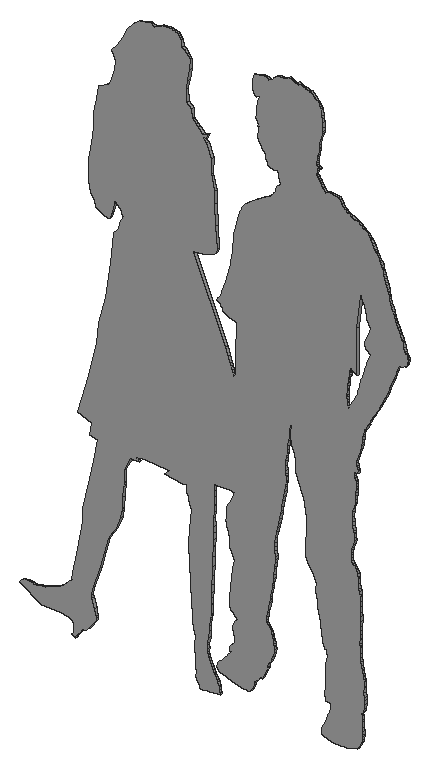
Revit family
Parameters (values of type "People_03_Multiple_views")
  built-in parameter 1005198 = (empty or 0)
  built-in parameter 1005195 = "d:\\byoh\\M25_HOL1_Santa.rpc"
  Assembly Code = ""
Reference planes (in)
  plane 1 "Center (Front/Back)": y = 0
  plane 2: z = 0
  plane 3 "Center (Left/Right)": x = 0
Forms (in)
  Extrusion 1, solid, material "Entourage-Figure"
    sketch origin (-27.53613, 0, 1.17483) x (1, 0, 0) y (0, 0, 1)
      loop
        line (44.72767, 41.76727) -> (44.73282, 36.93936) -> (44.6279, 37.04545) -> (44.51399, 37.11455) -> (44.35033, 37.17287) -> (44.21955, 37.23573) -> (44.13954, 37.24445) -> (44.04251, 37.3198) -> (43.98491, 37.23702) -> (43.95493, 37.11075) -> (43.93457, 37.07249) -> (43.91799, 36.92046) -> (43.91844, 36.70182) -> (43.91975, 36.49118) -> (43.84091, 36.36214) -> (43.82942, 36.33101) -> (43.76935, 36.15134) -> (43.73429, 35.90418) -> (43.71684, 35.74417) -> (43.68717, 35.47213) -> (43.65576, 35.18408) -> (43.64616, 35.09607) -> (43.63394, 34.98406) -> (43.58144, 34.57686) -> (43.58959, 34.50312) -> (43.60152, 34.3156) -> (43.62073, 34.04632) -> (43.66846, 33.74156) -> (43.74215, 33.23702) -> (43.93017, 33.54299) -> (44.04742, 33.5788) -> (44.143, 33.78697) -> (44.28468, 34.04678) -> (44.44149, 34.29685) -> (44.58317, 34.55668) -> (44.73271, 34.88852) -> (44.76893, 34.99791) -> (44.84835, 35.28071) -> (44.9154, 35.52437) -> (44.98523, 35.71918) -> (45.03104, 35.91658) -> (45.07337, 36.08198) -> (45.12253, 36.38428) -> (45.18071, 36.62083) -> (45.31789, 36.91353) -> (45.38786, 37.03544) -> (45.43644, 37.18395) -> (45.52838, 37.43303) -> (45.58496, 37.58067) -> (45.64735, 37.93011) -> (45.67645, 38.04838) -> (45.81798, 38.38108) -> (45.86744, 38.53762) -> (45.89828, 38.6719) -> (46.23425, 39.50907) -> (45.65974, 39.9899) -> (45.54676, 40.38776) -> (45.76038, 40.91275) -> (46.02462, 41.4922) -> (46.33217, 42.26399) -> (45.85784, 43.03536) -> (45.84693, 43.34497) -> (45.55299, 44.33655) -> (45.42441, 44.79607) -> (45.17428, 45.17338) -> (44.72767, 41.76727)
      loop
        line (30.05492, 3.27031) -> (29.90596, 3.09223) -> (29.83235, 3.01121) -> (29.51566, 2.70571) -> (29.4003, 2.61303) -> (29.15635, 2.38057) -> (28.9719, 2.17398) -> (28.92404, 2.10633) -> (28.90557, 2.01119) -> (28.818, 1.80215) -> (28.79618, 1.60212) -> (28.88623, 1.46276) -> (29.15333, 1.23931) -> (29.56415, 1.14593) -> (29.86572, 1.01589) -> (30.12903, 0.9062) -> (30.36296, 0.82403) -> (30.58437, 0.7756) -> (30.79604, 0.71203) -> (30.96232, 0.6777) -> (31.32339, 0.57354) -> (31.64969, 0.52178) -> (31.81771, 0.50345) -> (32.01774, 0.48164) -> (32.28265, 0.46083) -> (32.67964, 0.61186) -> (32.9393, 0.98835) -> (33.0452, 1.36541) -> (33.13538, 1.59847) -> (33.3322, 1.84418) -> (33.53993, 1.96726) -> (33.7094, 2.1107) -> (33.79799, 2.25487) -> (33.98915, 2.22593) -> (34.06173, 2.37183) -> (34.20153, 2.68853) -> (34.31397, 2.90297) -> (34.4395, 3.23741) -> (34.62381, 3.51688) -> (34.58249, 3.73188) -> (34.68504, 4.00408) -> (35.01235, 4.33271) -> (35.06689, 4.61013) -> (35.21192, 4.97483) -> (35.36407, 5.33066) -> (35.39083, 5.72447) -> (35.37074, 5.98575) -> (35.30091, 6.23624) -> (35.22118, 6.5445) -> (35.1333, 6.92651) -> (34.97327, 7.38926) -> (34.78604, 7.67686) -> (34.63008, 7.88008) -> (34.53828, 8.00343) -> (34.46495, 8.22194) -> (34.45738, 8.44945) -> (34.46828, 8.77212) -> (34.55279, 9.17582) -> (34.66843, 9.56802) -> (34.84283, 10.35052) -> (34.87962, 10.61369) -> (34.90566, 10.92661) -> (34.99176, 11.41919) -> (35.07976, 11.85487) -> (35.1263, 12.13318) -> (35.21153, 12.61774) -> (35.28732, 12.94144) -> (35.30346, 13.31211) -> (35.35741, 13.88106) -> (35.38518, 14.20997) -> (35.44133, 14.57628) -> (35.49136, 14.88657) -> (35.51376, 15.24037) -> (35.39794, 15.81164) -> (35.38731, 16.2338) -> (35.40082, 16.58046) -> (35.47616, 17.1228) -> (35.60547, 17.78878) -> (35.72635, 18.22898) -> (35.85333, 18.7252) -> (35.95093, 19.24892) -> (36.07863, 19.82601) -> (36.12329, 20.16118) -> (36.17681, 20.5035) -> (36.30073, 21.19435) -> (36.4331, 21.66569) -> (36.51644, 22.20714) -> (36.59265, 22.75747) -> (36.67076, 23.25093) -> (36.72573, 23.75499) -> (36.65923, 24.11039) -> (36.63377, 24.39654) -> (36.584, 24.83105) -> (36.65759, 25.35739) -> (36.712, 25.7077) -> (36.78471, 26.22601) -> (36.84973, 26.59945) -> (36.87997, 27.02525) -> (36.95982, 27.53471) -> (37.03269, 27.98015) -> (37.07007, 28.39708) -> (37.09435, 28.69399) -> (37.19487, 29.09595) -> (37.24228, 29.38223) -> (37.26032, 29.25073) -> (37.22396, 28.76892) -> (37.21322, 28.37337) -> (37.20114, 28.18847) -> (37.1965, 27.84895) -> (37.271, 27.49267) -> (37.34811, 27.16041) -> (37.43292, 26.97305) -> (37.5304, 26.67905) -> (37.61361, 26.40279) -> (37.66279, 26.2598) -> (37.7514, 25.95867) -> (37.72449, 25.63775) -> (37.72406, 25.41111) -> (37.71142, 25.07244) -> (37.71462, 24.8049) -> (37.75958, 24.54903) -> (37.82927, 24.37141) -> (37.99425, 24.10242) -> (38.13814, 23.71431) -> (38.19633, 23.50554) -> (38.31505, 23.25781) -> (38.48672, 22.75331) -> (38.53866, 22.56143) -> (38.61111, 22.33493) -> (38.68531, 22.12443) -> (38.75151, 21.91481) -> (38.77697, 21.62866) -> (38.86762, 21.19777) -> (38.93135, 20.89126) -> (38.95943, 20.62912) -> (38.99552, 20.36611) -> (39.05065, 20.35199) -> (39.02477, 19.96619) -> (38.97997, 19.70391) -> (38.97372, 19.27548) -> (38.94916, 18.67904) -> (38.92153, 18.27724) -> (38.91689, 17.9377) -> (38.93173, 17.62842) -> (38.91356, 17.38753) -> (38.88972, 16.87195) -> (38.87867, 16.62218) -> (38.90195, 16.53868) -> (39.00306, 16.2038) -> (39.0889, 15.95156) -> (39.20762, 15.70382) -> (39.40735, 15.38246) -> (39.66122, 15.1119) -> (39.8083, 14.90154) -> (39.94229, 14.57117) -> (40.02885, 14.39982) -> (40.09375, 13.95554) -> (40.07921, 13.67374) -> (40.05639, 13.09331) -> (40.14557, 12.94595) -> (40.23696, 12.15065) -> (40.30344, 11.79525) -> (40.36674, 11.26208) -> (40.43687, 10.86581) -> (40.53581, 10.28829) -> (40.64871, 9.83878) -> (40.69484, 9.44513) -> (40.73297, 9.05235) -> (40.77444, 8.76446) -> (40.83293, 8.40993) -> (40.9403, 8.05819) -> (41.00737, 7.85656) -> (41.09014, 7.79896) -> (41.18616, 7.78849) -> (41.22559, 7.63036) -> (41.2365, 7.50772) -> (41.27331, 7.32559) -> (41.36526, 7.12935) -> (41.39566, 7.03697) -> (41.30214, 6.69904) -> (41.20351, 6.24021) -> (41.17763, 5.85441) -> (41.1612, 5.6295) -> (41.17329, 5.36912) -> (41.17199, 5.13445) -> (41.18232, 4.85806) -> (41.20109, 4.80744) -> (41.18218, 4.48565) -> (41.1675, 4.27674) -> (41.15804, 4.11585) -> (41.13289, 3.81093) -> (41.09552, 3.394) -> (41.07749, 3.08022) -> (41.10732, 2.83407) -> (41.21542, 2.56321) -> (41.25454, 2.55084) -> (41.35507, 2.50749) -> (41.71425, 2.46024) -> (41.74538, 2.44874) -> (41.69884, 2.17045) -> (41.6763, 1.88954) -> (41.6376, 1.68325) -> (41.46611, 1.22427) -> (41.43861, 1.19488) -> (41.25911, 0.73679) -> (41.14958, 0.40058) -> (40.83508, -0.10755) -> (40.73893, -0.4695) -> (40.65719, -0.92207) -> (40.72848, -1.01081) -> (40.95527, -1.08413) -> (41.40988, -1.29563) -> (41.79496, -1.4024) -> (42.26353, -1.48588) -> (42.83946, -1.47582) -> (43.28287, -1.41894) -> (43.60451, -1.36496) -> (44.27252, -1.17872) -> (44.84815, -1.0229) -> (45.0121, -0.78171) -> (45.36383, -0.22904) -> (45.34652, -0.01665) -> (45.39553, 0.35853) -> (45.39872, 0.5363) -> (45.40962, 0.85897) -> (45.37237, 1.25974) -> (45.3498, 1.86942) -> (45.361, 2.04631) -> (45.34324, 2.47736) -> (45.24417, 2.68248) -> (45.43415, 2.7913) -> (45.52798, 2.98347) -> (45.56041, 3.20662) -> (45.62251, 3.70181) -> (45.63952, 4.08049) -> (45.63355, 4.39689) -> (45.5365, 4.91754) -> (45.55147, 5.42598) -> (45.54767, 5.98504) -> (45.47463, 6.50307) -> (45.37758, 7.02371) -> (45.25391, 7.52297) -> (45.17229, 7.88811) -> (45.1279, 8.29776) -> (45.08527, 8.72342) -> (45.0947, 9.32961) -> (45.06807, 9.75352) -> (45.10195, 10.13844) -> (45.12682, 10.58914) -> (45.1268, 11.03442) -> (45.13668, 11.42197) -> (45.17551, 12.00066) -> (45.16837, 12.45484) -> (45.13198, 12.86362) -> (45.09879, 13.45016) -> (45.12977, 13.95685) -> (45.08858, 14.54427) -> (45.04769, 14.98593) -> (44.93508, 15.28968) -> (44.85957, 15.71083) -> (44.87351, 16.28414) -> (44.82113, 16.69467) -> (44.69412, 17.08904) -> (44.43124, 17.42537) -> (44.25754, 17.61434) -> (44.12995, 17.85494) -> (44.13038, 18.08159) -> (44.11728, 18.40686) -> (44.12469, 18.69752) -> (44.15435, 18.96957) -> (44.21603, 19.2381) -> (44.39932, 19.58245) -> (44.48819, 20.02615) -> (44.47159, 20.31943) -> (44.47173, 20.69184) -> (44.36713, 20.99472) -> (44.27561, 21.4176) -> (44.24795, 21.90639) -> (44.24168, 22.36857) -> (44.26116, 22.84411) -> (44.29868, 23.18817) -> (44.42698, 23.47374) -> (44.53651, 23.80994) -> (44.54814, 24.21349) -> (44.58726, 24.64642) -> (44.62129, 24.95845) -> (44.66594, 25.29363) -> (44.68136, 25.5834) -> (44.69152, 25.82519) -> (44.64308, 26.04907) -> (44.48319, 26.43894) -> (44.44812, 26.63706) -> (44.4484, 26.93661) -> (44.59243, 26.9209) -> (44.73994, 26.9372) -> (44.84467, 27.00673) -> (44.90373, 27.25128) -> (44.79302, 27.49814) -> (44.73221, 27.6829) -> (44.69248, 27.98679) -> (44.70528, 28.25257) -> (44.87052, 28.72842) -> (45.01205, 29.06112) -> (45.105, 29.2453) -> (45.19519, 29.47834) -> (45.21177, 29.63037) -> (45.29904, 29.98517) -> (45.36596, 30.30173) -> (45.39285, 30.62265) -> (45.4234, 30.90269) -> (45.47533, 31.15611) -> (45.53947, 31.52154) -> (45.63955, 31.69684) -> (45.72741, 31.76012) -> (46.0809, 32.32878) -> (46.05063, 32.34829) -> (46.2732, 32.60739) -> (46.24018, 32.67575) -> (46.29938, 32.84741) -> (46.48456, 33.13487) -> (46.51816, 33.22027) -> (46.68036, 33.44546) -> (46.81594, 33.64929) -> (46.94613, 33.87797) -> (47.15793, 34.18681) -> (47.2775, 34.39237) -> (47.3287, 34.56491) -> (47.48275, 34.86386) -> (47.66793, 35.15133) -> (47.73513, 35.32211) -> (47.91493, 35.63444) -> (48.00526, 35.79461) -> (48.29561, 36.37827) -> (48.40602, 36.72247) -> (48.49256, 36.9964) -> (48.58988, 37.22057) -> (48.80139, 37.67519) -> (48.96241, 38.03815) -> (49.09856, 38.39573) -> (49.20374, 38.69192) -> (49.25494, 38.86446) -> (49.30352, 39.01298) -> (49.43182, 39.29856) -> (49.53801, 39.52986) -> (49.79826, 39.61482) -> (49.98213, 39.66764) -> (50.11262, 39.75056) -> (50.21752, 39.74722) -> (50.372, 39.82752) -> (50.46146, 39.97969) -> (50.49317, 40.12197) -> (50.50888, 40.26598) -> (50.54931, 40.48828) -> (50.51702, 40.63753) -> (50.44297, 40.77515) -> (50.35102, 40.97138) -> (50.26097, 41.11075) -> (50.18153, 41.27325) -> (50.06616, 41.62587) -> (49.97639, 42.06476) -> (49.88182, 42.23699) -> (49.84152, 42.38713) -> (49.686, 42.81699) -> (49.55564, 43.10649) -> (49.37816, 43.40921) -> (49.21216, 43.74308) -> (49.11644, 44.05307) -> (48.97168, 44.43319) -> (48.83768, 44.76357) -> (48.69191, 45.20856) -> (48.55602, 45.59581) -> (48.42174, 46.07194) -> (48.40093, 46.25233) -> (48.28017, 46.62982) -> (48.23346, 46.8697) -> (48.12697, 47.22947) -> (47.99836, 47.53496) -> (47.89012, 47.87871) -> (47.77285, 48.28821) -> (47.71174, 48.61873) -> (47.65617, 48.85149) -> (47.5792, 49.11087) -> (47.4711, 49.38173) -> (47.31341, 49.56895) -> (47.13941, 49.90369) -> (46.93078, 50.21789) -> (46.88976, 50.28715) -> (46.78807, 50.46825) -> (46.65423, 50.72574) -> (46.53114, 50.93347) -> (46.32689, 51.2877) -> (46.26084, 51.42444) -> (46.03535, 51.7324) -> (45.92406, 51.82551) -> (45.72025, 51.96108) -> (45.44078, 52.14539) -> (45.11578, 52.43182) -> (44.86397, 52.57262) -> (44.493, 52.73453) -> (44.14954, 52.92582) -> (43.87909, 53.04437) -> (43.63091, 53.1443) -> (43.40833, 53.33049) -> (43.21062, 53.52207) -> (43.00739, 53.81141) -> (42.8539, 54.11154) -> (42.6722, 54.30137) -> (42.296, 54.41527) -> (42.07998, 54.43883) -> (41.7867, 54.42223) -> (41.6098, 54.43343) -> (41.4073, 54.35836) -> (41.3318, 54.33421) -> (41.21368, 54.29042) -> (41.11301, 54.40665) -> (40.85027, 54.6701) -> (40.74582, 54.90009) -> (40.60587, 55.10156) -> (40.51669, 55.24893) -> (40.35273, 55.45302) -> (40.26893, 55.57551) -> (40.15036, 55.75036) -> (40.09945, 55.87736) -> (40.19619, 55.94777) -> (40.21295, 56.28355) -> (40.49278, 56.35726) -> (40.29014, 56.44815) -> (40.50019, 56.52305) -> (40.33605, 56.65018) -> (40.18389, 56.77827) -> (40.18987, 57.05069) -> (40.20582, 57.25147) -> (40.22422, 57.42014) -> (40.27662, 57.68294) -> (40.33409, 57.82913) -> (40.42664, 58.29692) -> (40.49003, 58.5517) -> (40.43962, 58.62537) -> (40.47089, 58.98629) -> (40.57038, 59.45312) -> (40.6578, 59.73506) -> (40.84269, 60.16828) -> (40.87235, 60.44031) -> (40.845, 60.78336) -> (40.85545, 61.32465) -> (40.8086, 61.63742) -> (40.73585, 62.00968) -> (40.65742, 62.5526) -> (40.42363, 63.00719) -> (40.24353, 63.28592) -> (39.95941, 63.57597) -> (39.64954, 63.85266) -> (39.49912, 63.95813) -> (39.30447, 63.95506) -> (39.21821, 63.98066) -> (38.90063, 64.11245) -> (38.46232, 64.17646) -> (38.02371, 64.38621) -> (38.28717, 64.20365) -> (37.95229, 64.10253) -> (37.54045, 64.26079) -> (37.16497, 64.45557) -> (37.0643, 64.57181) -> (36.89744, 64.45236) -> (36.59385, 64.26688) -> (36.23293, 64.29815) -> (35.98591, 64.26031) -> (35.58441, 64.14218) -> (35.28081, 63.95669) -> (35.12763, 63.66573) -> (34.9794, 63.56855) -> (34.703, 63.55821) -> (34.57207, 63.69394) -> (34.10538, 63.72055) -> (33.07034, 63.50958) -> (32.94015, 63.28088) -> (32.87616, 62.84258) -> (32.84198, 62.60341) -> (32.80824, 62.1456) -> (32.84869, 61.92261) -> (32.95519, 61.56284) -> (33.09063, 61.39424) -> (33.33168, 61.30318) -> (33.52341, 61.42802) -> (33.69289, 61.57145) -> (33.60343, 61.41929) -> (33.50524, 61.1871) -> (33.44371, 60.84568) -> (33.4155, 60.7354) -> (33.34524, 60.31397) -> (33.31732, 60.05793) -> (33.29565, 59.78501) -> (33.34949, 59.53626) -> (33.35676, 59.45449) -> (33.30628, 59.36285) -> (33.22482, 59.20981) -> (33.22948, 59.10405) -> (33.26425, 59.05168) -> (33.33292, 58.93894) -> (33.38297, 58.80394) -> (33.44538, 58.70807) -> (33.5299, 58.66647) -> (33.46197, 58.41481) -> (33.60948, 58.43111) -> (33.59116, 58.26308) -> (33.54346, 58.03399) -> (33.57399, 57.80611) -> (33.45656, 57.45479) -> (33.47603, 57.27061) -> (33.55508, 56.97977) -> (33.6475, 56.73909) -> (33.77669, 56.6236) -> (33.80084, 56.54809) -> (33.84186, 56.47885) -> (33.92668, 56.29147) -> (34.04787, 56.14063) -> (34.1449, 56.06527) -> (34.25532, 55.96418) -> (34.32777, 55.73766) -> (34.33068, 55.61591) -> (34.38001, 55.40002) -> (34.44969, 55.2224) -> (34.45333, 55.18153) -> (34.51589, 55.01277) -> (34.57845, 54.84403) -> (34.74328, 54.64795) -> (34.93894, 54.58612) -> (35.10958, 54.5918) -> (35.26873, 54.56634) -> (35.42963, 54.5569) -> (35.65453, 54.54046) -> (35.69453, 54.5361) -> (35.83943, 54.5284) -> (35.85762, 54.32399) -> (35.85355, 54.13824) -> (35.8601, 53.97561) -> (35.88076, 53.8681) -> (35.92106, 53.71796) -> (35.93911, 53.58645) -> (35.99366, 53.41857) -> (36.03135, 53.24445) -> (36.04488, 53.14581) -> (35.97738, 53.12079) -> (35.83876, 53.11162) -> (35.79525, 53.08399) -> (35.76863, 53.0626) -> (35.70738, 53.0207) -> (35.67189, 52.99219) -> (35.61863, 52.9494) -> (35.58053, 52.89689) -> (35.56017, 52.85864) -> (35.55406, 52.80263) -> (35.52046, 52.71723) -> (35.48234, 52.66471) -> (35.47013, 52.5527) -> (35.46489, 52.50469) -> (35.4614, 52.47269) -> (35.45791, 52.44069) -> (35.44482, 52.32067) -> (35.4102, 52.30016) -> (35.36409, 52.24851) -> (35.32059, 52.22087) -> (35.3011, 52.1906) -> (35.27012, 52.12923) -> (35.20276, 52.03132) -> (35.12028, 51.94314) -> (35.0653, 51.88437) -> (35.02718, 51.83187) -> (34.97045, 51.75708) -> (34.92608, 51.72145) -> (34.84622, 51.65728) -> (34.77872, 51.63226) -> (34.67398, 51.56273) -> (34.59848, 51.53857) -> (34.49549, 51.48504) -> (34.35787, 51.41099) -> (34.25488, 51.35745) -> (34.15988, 51.30303) -> (34.07376, 51.25576) -> (33.96102, 51.18709) -> (33.87229, 51.11581) -> (33.75067, 51.04001) -> (33.61393, 50.97396) -> (33.42394, 50.86513) -> (33.33608, 50.80186) -> (33.20646, 50.72693) -> (33.13548, 50.66991) -> (32.99524, 50.57186) -> (32.87363, 50.49606) -> (32.75201, 50.42026) -> (32.58516, 50.30081) -> (32.42092, 50.20538) -> (32.3508, 50.15635) -> (32.18308, 50.02892) -> (32.11034, 49.95589) -> (32.03586, 49.86686) -> (31.99149, 49.83121) -> (31.89127, 49.7288) -> (31.78755, 49.59437) -> (31.69532, 49.49108) -> (31.64572, 49.40743) -> (31.59437, 49.30777) -> (31.56338, 49.2464) -> (31.48105, 49.08536) -> (31.4537, 48.98308) -> (31.41122, 48.89055) -> (31.3705, 48.81403) -> (31.2998, 48.61125) -> (31.21398, 48.41819) -> (31.1699, 48.23679) -> (31.11885, 47.99136) -> (31.07478, 47.80997) -> (31.0582, 47.65795) -> (31.03987, 47.48992) -> (30.97718, 47.28627) -> (30.92671, 47.1946) -> (30.90197, 47.11634) -> (30.87201, 46.99007) -> (30.82168, 46.82554) -> (30.76176, 46.57299) -> (30.74503, 46.49385) -> (30.70096, 46.31245) -> (30.6755, 46.15329) -> (30.67086, 45.81376) -> (30.64992, 45.62173) -> (30.64643, 45.58973) -> (30.64061, 45.38795) -> (30.63931, 45.15331) -> (30.61939, 44.89639) -> (30.60194, 44.73638) -> (30.55888, 44.49009) -> (30.48936, 44.14952) -> (30.42579, 43.93786) -> (30.37227, 43.59556) -> (30.3442, 43.41241) -> (30.3154, 43.14837) -> (30.25984, 42.93584) -> (30.13562, 42.39074) -> (30.01721, 42.04741) -> (29.94041, 41.78862) -> (29.87684, 41.57695) -> (29.73459, 41.16336) -> (29.67102, 40.95171) -> (29.59145, 40.74177) -> (29.5164, 40.49899) -> (29.37748, 40.19027) -> (29.34126, 40.08089) -> (29.28657, 39.87635) -> (29.18838, 39.64416) -> (29.0963, 39.46799) -> (28.92784, 39.25966) -> (28.81889, 39.07724) -> (29.17764, 38.80332) -> (29.25533, 38.62483) -> (29.32486, 38.52009) -> (29.32588, 38.45521) -> (29.39557, 38.27759) -> (29.49363, 38.13735) -> (29.66718, 38.02128) -> (29.82735, 37.93093) -> (30.00352, 37.83886) -> (30.1218, 37.80977) -> (30.2872, 37.76743) -> (30.50774, 37.711) -> (30.63314, 37.67304) -> (30.70966, 37.63231) -> (30.85906, 37.59172) -> (30.96846, 37.5555) -> (31.0396, 37.53965) -> (31.05488, 37.45702) -> (31.04004, 37.321) -> (31.05634, 37.17348) -> (31.06013, 37.05973) -> (31.07016, 36.9291) -> (31.02522, 36.73968) -> (31.01781, 36.44903) -> (31.00691, 36.12637) -> (30.98699, 35.86945) -> (30.97492, 35.68456) -> (30.93274, 35.44628) -> (30.92169, 35.19648) -> (30.93756, 34.82232) -> (30.97481, 34.42155) -> (30.94282, 33.97974) -> (30.88828, 33.70232) -> (30.87927, 33.32279) -> (30.93093, 32.83138) -> (30.86955, 32.41707) -> (30.75858, 31.79013) -> (29.8197, 34.55567) -> (26.20459, 43.0424) -> (27.20628, 43.11686) -> (28.50012, 43.56744) -> (28.77691, 43.81205) -> (28.8799, 44.2047) -> (28.67392, 46.50269) -> (28.55805, 48.75564) -> (28.57736, 50.01084) -> (28.21045, 51.72309) -> (28.2362, 53.22933) -> (27.65687, 54.59398) -> (27.33074, 54.9779) -> (27.61182, 55.06388) -> (27.77274, 55.48228) -> (27.19985, 55.36641) -> (26.03476, 56.59588) -> (25.97039, 57.52924) -> (25.38462, 57.98626) -> (25.30738, 59.26722) -> (25.50049, 60.23277) -> (25.71934, 61.41717) -> (25.78371, 62.47283) -> (25.1722, 63.25172) -> (24.83104, 63.45127) -> (24.74092, 64.09496) -> (24.33539, 64.6936) -> (23.40203, 64.88027) -> (22.62959, 64.77084) -> (21.73485, 64.39107) -> (21.22633, 64.59705) -> (20.03549, 64.33956) -> (19.30811, 63.78598) -> (18.63223, 63.02642) -> (18.1237, 61.95145) -> (17.56369, 61.05026) -> (16.86206, 60.3422) -> (17.10023, 59.84012) -> (17.24184, 59.34447) -> (17.19678, 58.3596) -> (16.9908, 57.65154) -> (16.63033, 56.76967) -> (15.36224, 56.06805) -> (15.11764, 54.67122) -> (14.8859, 53.75717) -> (14.77647, 53.06841) -> (14.80866, 52.32173) -> (14.75073, 51.60722) -> (14.55118, 50.01084) -> (14.22933, 48.30505) -> (14.21646, 45.98773) -> (14.44819, 45.0222) -> (14.8859, 44.24976) -> (15.04039, 43.65112) -> (15.90295, 43.12329) -> (16.3471, 42.98811) -> (16.66251, 43.16191) -> (16.91999, 43.86998) -> (17.18391, 44.70679) -> (17.20507, 44.98667) -> (17.2354, 44.93209) -> (17.50575, 44.70035) -> (17.72461, 44.48149) -> (17.91772, 44.19827) -> (18.00784, 43.99872) -> (18.15589, 43.70262) -> (17.69886, 42.94949) -> (17.61518, 42.35729) -> (17.01654, 41.74578) -> (16.66895, 38.51441) -> (16.11537, 34.81959) -> (15.30431, 31.968) -> (15.17557, 29.85023) -> (14.25508, 26.1361) -> (13.44402, 23.50337) -> (12.98056, 22.0293) -> (14.58373, 21.47457) -> (14.35807, 20.25269) -> (15.18226, 20.01571) -> (14.8151, 17.75515) -> (14.33876, 15.68888) -> (13.86242, 13.7964) -> (13.56632, 12.49613) -> (13.4762, 11.06712) -> (12.87757, 7.53966) -> (12.42054, 5.4219) -> (12.25962, 4.65589) -> (12.26012, 4.74744) -> (12.15612, 4.60394) -> (12.04519, 4.48252) -> (11.92038, 4.32798) -> (11.63611, 4.06858) -> (11.44197, 3.91956) -> (11.1785, 3.72087) -> (10.81103, 3.51666) -> (10.40195, 3.37316) -> (10.10381, 3.27381) -> (9.69474, 3.10824) -> (9.36887, 3.01441) -> (8.86966, 2.88195) -> (8.55072, 2.79364) -> (8.13351, 2.77629) -> (7.59981, 2.85143) -> (7.33705, 2.88629) -> (6.92103, 2.88629) -> (6.62543, 2.75557) -> (6.49406, 2.60742) -> (6.36978, 2.3772) -> (8.86733, 0.98682) -> (10.93718, 0.95545) -> (11.16533, 0.90314) -> (11.75753, 0.86451) -> (11.92551, 0.8499) -> (12.13982, 0.70368) -> (12.31272, 0.64112) -> (12.40703, 0.46595) -> (12.4699, 0.32832) -> (12.53277, 0.17818) -> (12.53277, -0.02201) -> (12.54849, -0.28477) -> (12.51705, -0.44742) -> (12.48562, -0.58505) -> (12.39131, -0.73519) -> (12.31272, -0.77273) -> (12.70567, -1.03548) -> (12.76854, -0.97292) -> (12.94144, -0.71017) -> (13.0829, -0.56003) -> (13.2558, -0.30979) -> (13.4287, -0.12211) -> (13.55445, 0.04054) -> (13.66447, 0.1031) -> (13.7745, 0.16567) -> (13.97884, 0.25325) -> (14.10458, 0.34083) -> (14.31301, 0.49117) -> (15.10476, 1.50177) -> (15.1112, 1.77856) -> (14.94384, 2.69262) -> (14.57049, 3.70966) -> (14.55118, 4.03151) -> (14.7636, 4.84256) -> (15.58754, 7.15344) -> (16.03169, 8.79487) -> (16.45009, 10.34618) -> (16.98436, 11.13149) -> (17.38989, 11.74301) -> (17.87266, 12.99178) -> (18.03359, 13.97664) -> (18.13014, 15.2061) -> (18.25244, 16.68661) -> (18.2975, 18.01907) -> (19.00154, 19.35205) -> (19.97755, 19.42876) -> (19.6557, 19.72486) -> (20.39596, 19.89222) -> (20.89161, 19.80854) -> (21.7091, 19.82141) -> (23.40846, 19.69911) -> (22.88707, 19.2614) -> (24.92759, 18.88162) -> (25.30426, 19.01356) -> (25.32448, 18.48255) -> (25.39339, 18.19455) -> (25.44507, 18.00256) -> (25.53122, 17.76942) -> (25.56567, 17.53628) -> (25.65181, 17.262) -> (25.7035, 17.04257) -> (25.77241, 16.878) -> (25.93557, 16.63267) -> (25.7644, 15.75968) -> (25.64854, 14.40148) -> (25.57773, 13.39087) -> (25.59704, 12.60556) -> (25.64854, 11.48553) -> (25.83521, 8.96867) -> (26.00878, 5.89668) -> (26.04046, 5.31674) -> (26.13549, 4.68638) -> (26.32554, 3.82908) -> (26.3428, 3.67063) -> (26.30996, 3.33946) -> (26.30996, 3.29589) -> (26.30996, 3.13902) -> (26.27711, 2.99958) -> (26.25522, 2.82529) -> (26.25522, 2.68585) -> (26.27711, 2.56384) -> (26.28806, 2.45055) -> (26.29901, 2.26754) -> (26.33185, 2.10195) -> (26.3428, 2.00609) -> (26.32554, 1.30762) -> (26.32554, 0.90419) -> (26.42057, 0.65204) -> (26.45224, 0.45033) -> (26.45224, 0.19818) -> (26.42057, -0.07918) -> (26.42057, -0.20526) -> (26.45224, -0.38175) -> (26.54727, -0.50783) -> (26.70565, -0.70955) -> (26.79167, -1.02906) -> (26.79167, -1.2184) -> (26.91209, -1.22712) -> (27.08726, -1.22712) -> (27.21864, -1.20969) -> (27.37191, -1.18354) -> (27.53613, -1.17483) -> (27.76604, -1.20097) -> (27.9631, -1.17483) -> (28.12732, -1.13997) -> (28.37913, -1.13125) -> (28.5543, -1.11382) -> (28.88274, -1.09639) -> (29.00317, -1.06153) -> (29.22213, -1.02667) -> (29.08134, -0.57841) -> (29.08134, -0.25568) -> (28.92296, 0.12254) -> (28.7329, 0.55119) -> (28.51117, 0.85376) -> (27.84268, 2.38955) -> (27.72225, 2.76428) -> (27.77699, 3.12159) -> (27.75509, 3.50504) -> (27.78812, 3.75362) -> (27.90872, 4.28848) -> (27.97763, 5.02904) -> (27.94318, 5.52274) -> (28.04655, 6.18102) -> (28.14991, 6.75701) -> (28.18437, 7.75814) -> (28.2016, 8.45756) -> (28.25328, 9.03355) -> (28.23606, 9.82896) -> (28.27052, 10.76152) -> (28.33943, 11.65294) -> (28.33943, 12.68149) -> (28.40834, 13.75119) -> (28.4428, 14.45061) -> (28.4428, 15.15003) -> (28.46002, 15.8083) -> (28.42557, 16.72715) -> (28.52894, 17.28942) -> (28.52894, 17.96141) -> (28.49448, 18.86654) -> (28.54284, 19.48229) -> (28.54284, 20.06222) -> (30.22166, 20.13787) -> (30.77424, 20.10121) -> (30.69493, 19.9031) -> (30.6542, 19.82658) -> (30.53303, 19.53214) -> (30.41796, 19.29369) -> (30.32516, 19.03663) -> (30.17373, 18.76169) -> (30.03801, 18.63075) -> (29.91611, 18.25543) -> (29.91772, 17.89901) -> (29.92427, 17.73638) -> (29.8962, 17.55323) -> (29.88122, 17.49009) -> (29.86377, 17.33008) -> (29.87032, 17.16743) -> (29.82014, 16.93001) -> (29.8555, 16.58612) -> (29.88503, 16.48573) -> (29.94846, 16.325) -> (29.99047, 16.15656) -> (30.06194, 16.02924) -> (30.08973, 15.91287) -> (30.0733, 15.68797) -> (30.0976, 15.53958) -> (30.19929, 15.35847) -> (30.25821, 15.23059) -> (30.28877, 15.06534) -> (30.29445, 14.8947) -> (30.29212, 14.72493) -> (30.28689, 14.67693) -> (30.2162, 14.47414) -> (30.19274, 14.33535) -> (30.32008, 14.09038) -> (30.42715, 13.88439) -> (30.57161, 13.65003) -> (30.72335, 13.33393) -> (30.76103, 13.1598) -> (30.70213, 12.84236) -> (30.6054, 12.32665) -> (30.57137, 12.01462) -> (30.52411, 11.65545) -> (30.4713, 11.39403) -> (30.43291, 11.04198) -> (30.40514, 10.71305) -> (30.35786, 10.35388) -> (30.33169, 10.11384) -> (30.309, 9.90582) -> (30.28559, 9.6169) -> (30.26639, 9.44089) -> (30.2472, 9.26485) -> (30.22189, 9.03282) -> (30.20386, 8.71904) -> (30.22773, 8.34401) -> (30.32419, 8.11489) -> (30.40885, 8.0004) -> (30.57979, 7.86031) -> (30.74098, 7.70509) -> (30.82565, 7.59062) -> (30.94407, 7.48864) -> (31.10073, 7.25814) -> (31.00445, 7.07724) -> (30.93608, 7.04423) -> (30.73854, 6.71762) -> (30.64035, 6.48544) -> (30.60079, 6.27117) -> (30.60749, 6.03563) -> (30.65317, 5.86064) -> (30.71573, 5.69188) -> (30.73537, 5.64927) -> (30.78921, 5.40051) -> (30.78252, 5.19072) -> (30.78369, 5.05296) -> (30.78413, 4.83433) -> (30.78966, 4.73656) -> (30.7404, 4.63502) -> (30.55007, 4.54409) -> (30.41784, 4.44517) -> (30.31761, 4.34275) -> (30.24502, 4.19684) -> (30.20793, 4.07944) -> (30.23572, 3.96306) -> (30.2654, 3.7898) -> (30.49365, 3.87826) -> (30.39895, 3.67807) -> (30.18336, 3.483) -> (30.05492, 3.27031)
    from -0.09766 to 0.09766
